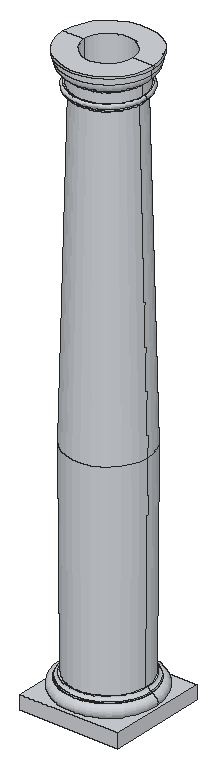
Revit family "b1d5a87d84e14b9285aef8e9db0cc575", category Columns, Revit 2025
Family settings
  Cut with Voids When Loaded = No
  Automatically joins geometry to walls = Yes
  Shared = No
  Show family pre-cut in plan views = Yes
Parameters (values of type "400mm_Diameter")
  Keynote = "G"
  Assembly Code = "C3010300"
  Base Material = none
  Base Width = (Diameter * 2) + 101.6 mm  # 501.6 mm
  Diameter = 200 mm
  Material = none
  Height [instance] = 3000 mm
  Width = Diameter * 2  # 400 mm
  db = Diameter - 6.35 mm  # 193.65 mm
  dt = Diameter - 38.1 mm  # 161.9 mm
Types (5, lengths in mm): name | Base Width | Diameter | Width | db | dt
  (no name) | 501.6 | 200 | 400 | 193.65 | 161.9
  300mm_Diameter | 401.6 | 150 | 300 | 143.65 | 111.9
  400mm_Diameter | 501.6 | 200 | 400 | 193.65 | 161.9
  250mm_Diameter | 351.6 | 125 | 250 | 118.65 | 86.9
  200mm_Diameter | 301.6 | 100 | 200 | 93.65 | 61.9
Reference planes
  plane 1 "Center (Front/Back)": y = 0
  plane 2: z = 0
  plane 3 "Center (Left/Right)": x = -100.012
  plane 4: x = -350.812
  plane 5: x = 150.788
  plane 6: y = 250.8
  plane 7: y = -250.8
  plane 8: z = 3000
  plane 9: z = 69.85
  plane 10: z = 2906.401
  plane 11 "tob": z = 153.045
  plane 12: x = -300.012
  plane 13: x = 99.988
  plane 14: y = -200
  plane 15: y = 200
  plane 16: z = 2809.119
  plane 17 "t": z = 1200
  plane 18: z = 600
  plane 19: z = 1800
  plane 20: z = 2400
Forms (mm)
  Extrusion 1, solid
    sketch origin (0, 0, 0) x (1, 0, 0) y (0, 1, 0)
      loop
        line (-350.812, 250.8) -> (-350.812, -250.8) -> (150.788, -250.8) -> (150.788, 250.8) -> (-350.812, 250.8)
    from 0 to 69.85
  Revolve 2, solid
    sketch origin (0, 0, 0) x (1, 0, 0) y (0, 0, 1)
      loop
        line (-320.849, 69.85) -> (-261.912, 69.85) -> (-261.912, 153.045) -> (-302.401, 153.045)
        arc (-302.401, 153.045) -> (-306.951, 142.063) -> (-317.933, 137.513) r 15.532
        line (-317.933, 137.513) -> (-317.933, 130.175) -> (-320.849, 130.175)
        arc (-320.849, 130.175) -> (-351.012, 100.013) -> (-320.849, 69.85) r 30.162
      axis (-100.012, 153.045) -> (-100.012, 69.85)
    angle from 0 to 360
  Revolve 3, solid
    sketch origin (0, 0, 0) x (1, 0, 0) y (0, 0, 1)
      loop
        line (-223.812, 3000) -> (-330.175, 3000) -> (-330.175, 2988.875) -> (-320.65, 2988.875) -> (-320.65, 2958.725) -> (-317.475, 2958.725)
        arc (-317.475, 2958.725) -> (-310.753, 2929.04) -> (-284.137, 2914.275) r 37.254
        line (-284.137, 2914.275) -> (-284.137, 2906.401)
        arc (-284.137, 2906.401) -> (-277.402, 2903.611) -> (-274.612, 2896.876) r 9.525
        line (-274.612, 2896.876) -> (-274.612, 2847.567) -> (-283.84, 2847.567)
        arc (-283.84, 2847.567) -> (-293.298, 2838.875) -> (-285.434, 2828.719) r 9.491
        line (-285.434, 2828.719) -> (-285.434, 2821.06)
        arc (-285.434, 2821.06) -> (-276.99, 2817.563) -> (-273.492, 2809.119) r 11.942
        line (-273.492, 2809.119) -> (-223.812, 2809.119) -> (-223.812, 3000)
      axis (-100.012, 3000) -> (-100.012, 2809.119)
    angle from 0 to 360
  Blend 4, solid
    base sketch origin (0, 0, 0) x (1, 0, 0) y (0, 1, 0)
      loop
        circle (-100.012, 0) r 193.65
    top sketch origin (0, 0, 0) x (1, 0, 0) y (0, 1, 0)
      loop
        circle (-100.012, 0) r 200
    from 153.045 to 1200
  Blend 5, solid
    base sketch origin (0, 0, 0) x (1, 0, 0) y (0, 1, 0)
      loop
        circle (-100.012, 0) r 200
    top sketch origin (0, 0, 0) x (1, 0, 0) y (0, 1, 0)
      loop
        circle (-100.012, 0) r 161.9
    from 1200 to 2809.119
Cuts and joins
  joined: Extrusion 1, Revolve 2, Revolve 3, Blend 4, Blend 5
Dimensions and locks
  equal spacing: plane 4, plane 3 "Center (Left/Right)", plane 5
  equal spacing: plane 7, plane 1 "Center (Front/Back)", plane 6
  "Base Width": plane 7 to plane 6
  "Base Width": plane 4 to plane 5
  locked: plane 9 to plane 2 at 69.85
  "Height": plane 8 to plane 2
  locked: plane 8 to plane 10 at 93.599
  "Width": plane 14 to plane 15
  "Width": plane 12 to plane 13
  equal spacing: plane 12, plane 3 "Center (Left/Right)", plane 13
  equal spacing: plane 14, plane 1 "Center (Front/Back)", plane 15
  locked: plane 8 to plane 16 at 190.881
  locked: plane 11 "tob" to plane 2 at 153.045
  equal spacing: plane 8, plane 20, plane 19, plane 17 "t", plane 18, plane 2
  locked: Revolve 3 sketch curve to plane 12 at 76.2
  Revolve 3 sketch curve to Revolve 3 sketch curve to plane 12 to Revolve 3 sketch curve to Revolve 3 sketch curve = 9.525 mm locked, 20.637 mm locked, 15.875 mm locked, 9.525 mm locked
  locked: plane 12 to Revolve 2 sketch curve at 38.1
  plane 12 to Revolve 2 sketch curve to Revolve 2 sketch curve to Revolve 2 sketch curve = 2.389 mm locked, 15.532 mm locked, 2.916 mm locked
  "Diameter": radius of Blend 5 sketch curve
  "dt": radius of Blend 5 sketch curve
  "db": radius of Blend 4 sketch curve
  "Diameter": radius of Blend 4 sketch curve
  aligned and locked: plane 5 to Extrusion 1 sketch curve
  aligned and locked: plane 6 to Extrusion 1 sketch curve
  aligned and locked: Extrusion 1 sketch curve to plane 4
  aligned and locked: Extrusion 1 sketch curve to plane 7
  aligned and locked: Extrusion 1 to plane 9
  aligned and locked: Revolve 3 sketch curve to plane 8
  aligned and locked: Revolve 3 sketch curve to plane 16
  aligned and locked: plane 17 "t" to Blend 4
  aligned and locked: Blend 4 to plane 11 "tob"
  aligned and locked: Blend 5 to plane 17 "t"
  aligned and locked: plane 16 to Blend 5
Automatic sketch dimensions
  Blend 4 sketch curve to plane 1 "Center (Front/Back)" = 0 mm  (x2)
  Blend 4 sketch curve to plane 3 "Center (Left/Right)" = 0 mm  (x2)
  Blend 5 sketch curve to plane 1 "Center (Front/Back)" = 0 mm  (x2)
  Blend 5 sketch curve to plane 3 "Center (Left/Right)" = 0 mm  (x2)
  Revolve 3 sketch curve to plane 10 = 0 mm
  Revolve 3 sketch curve to plane 3 "Center (Left/Right)" = 0 mm
  plane 12 to Revolve 3 sketch curve = 26.52 mm
  plane 12 to Revolve 3 sketch curve = 19.063 mm
  Revolve 3 sketch curve to Revolve 3 sketch curve = 9.228 mm
  plane 12 to Revolve 3 sketch curve = 14.578 mm
  Revolve 3 sketch curve to Revolve 3 sketch curve = 3.175 mm
  Revolve 3 sketch curve to Revolve 3 sketch curve = 7.658 mm
  Revolve 3 sketch curve to Revolve 3 sketch curve = 9.357 mm
  plane 16 to Revolve 3 sketch curve = 48.006 mm
  plane 10 to Revolve 3 sketch curve = 7.874 mm
  Revolve 3 sketch curve to Revolve 3 sketch curve = 37.118 mm
  plane 8 to Revolve 3 sketch curve = 41.275 mm
  plane 8 to Revolve 3 sketch curve = 11.125 mm
  Revolve 2 sketch curve to plane 9 = 0 mm
  Revolve 2 sketch curve to plane 11 "tob" = 0 mm
  Revolve 2 sketch curve to plane 3 "Center (Left/Right)" = 0 mm
  Revolve 2 sketch curve to plane 9 = 26.045 mm
  Revolve 2 sketch curve to Revolve 2 sketch curve = 30.162 mm
  plane 11 "tob" to Revolve 2 sketch curve = 44.45 mm
